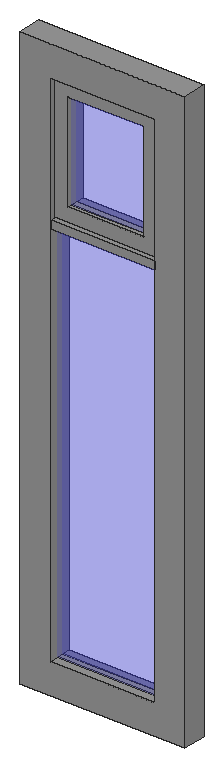
Revit family "Family68", category Windows, host Wall, Revit 2018
Family settings
  Host = Wall
  OmniClass Number = 23.30.20.00
  OmniClass Title = Windows
  Always vertical = Yes
  Cut with Voids When Loaded = No
  Shared = No
  Room Calculation Point = No
Parameters
  Visual Light Transmittance = 0.81
  URL = "www.skywardwindows.co.za"
  Thermal Resistance (R) = 0.3196 (m²·K)/W
  Telephone = "021 276 1800"
  Solar Heat Gain Coefficient = 0.76
  Side Light Thickness = 84 mm
  Manufacturer = "Skyward Windows"
  Height = 2090 mm
  Heat Transfer Coefficient (U) = 3.1292 W/(m²·K)
  Glass Thickness = 4 mm
  Glass = Glass
  Frame = Window Frame
  Email Address = "info@skywardwindows.co.za"
  Default Sill Height = 100 mm
  Wall Closure = By host
  Width = 590 mm
  Company Address = "Charles Matthews Street Atlantis 7349"
  Analytic Construction = "Double glazing - domestic"
Reference planes
  plane 1 "Center (Front/Back)": y = 0
  plane 2 "Center (Left/Right)": x = 0
  plane 3 "Left": x = -295
  plane 4 "Right": x = 295
  plane 5 "Sill": z = 100
  plane 6 "Head": z = 2190
  plane 7 "Exterior": y = 100
  plane 8 "Interior": y = -100
Forms (mm)
  Extrusion 1, solid, material "Window Frame" <- "Frame"
    sketch origin (0, -100, 0) x (1, 0, 0) y (0, 0, 1)
      loop
        line (-295, 2190) -> (-295, 100) -> (295, 100) -> (295, 2190) -> (-295, 2190)
      loop
        line (-186, 209) -> (186, 209) -> (186, 2081) -> (-186, 2081) -> (-186, 209)
    from -142 to -58
  Extrusion 2, solid, material "Window Frame" <- "Frame"
    sketch origin (0, -100, 0) x (1, 0, 0) y (0, 0, 1)
      loop
        line (-136, 1677) -> (136, 1677) -> (136, 2031) -> (-136, 2031) -> (-136, 1677)
      loop
        line (-184.048, 2079.486) -> (-184.048, 1627) -> (184.215, 1627) -> (184.215, 2079.486) -> (-184.048, 2079.486)
    from -139.72 to -75.175
  Extrusion 3, solid, material "Window Frame" <- "Frame"
    sketch origin (0, -100, 0) x (1, 0, 0) y (0, 0, 1)
      loop
        line (186, 1597) -> (186, 1624.915) -> (-186, 1624.915) -> (-186, 1597) -> (186, 1597)
    from -142 to -58
  Extrusion 4, solid, material "Glass" <- "Glass"
    sketch origin (0, 0, 0) x (1, 0, 0) y (0, 1, 0)
      loop
        line (-186, 14) -> (-186, 10) -> (186, 10) -> (186, 14) -> (-186, 14)
      loop
        line (-186, -10) -> (-186, -14) -> (186, -14) -> (186, -10) -> (-186, -10)
    from 209 to 1597
  Extrusion 5, solid, material "Glass" <- "Glass"
    sketch origin (0, 0, 0) x (1, 0, 0) y (0, 1, 0)
      loop
        line (-136, 14) -> (-136, 10) -> (136, 10) -> (136, 14) -> (-136, 14)
      loop
        line (-136, -10) -> (-136, -14) -> (136, -14) -> (136, -10) -> (-136, -10)
    from 1677 to 2031
Lines and regions (mm)
  Opening 1
    outline origin (3500, -100, 0) x (1, 0, 0) y (0, 0, 1)
      loop
        line (-3205, 100) -> (-3205, 2190) -> (-3795, 2190) -> (-3795, 100) -> (-3205, 100)
Text (mm)
  text "EXTERIOR" at (-1963.203, 1332.353, 0), in view "Ref. Level"
  text "INTERIOR" at (-1981.466, -818.386, 0), in view "Ref. Level"
  text "Exterior" at (0, 923.751, 2943.296), in view "Right"
  text "Exterior" at (0, 1040.484, 2685.409), in view "Left"
Dimensions and locks
  equal spacing: plane 3 "Left", plane 2 "Center (Left/Right)", plane 4 "Right"
  "Width": plane 3 "Left" to plane 4 "Right"
  "Height": plane 5 "Sill" to plane 6 "Head"
  "Default Sill Height": plane 5 "Sill" to level
  locked: plane 7 "Exterior" to host wall at 0
  locked: plane 8 "Interior" to host wall
  "Side Light Thickness": Extrusion 1 to Extrusion 1
  "Glass Thickness": Extrusion 4 to Extrusion 4  (x2)
Automatic sketch dimensions
  Opening 1 sketch curve to plane 3 "Left" = 0 mm
  Opening 1 sketch curve to plane 4 "Right" = 0 mm
  Opening 1 sketch curve to plane 5 "Sill" = 0 mm
  Opening 1 sketch curve to plane 6 "Head" = 0 mm
  plane 3 "Left" to Extrusion 1 sketch curve = 0 mm
  plane 4 "Right" to Extrusion 1 sketch curve = 0 mm
  Extrusion 1 sketch curve to plane 5 "Sill" = 0 mm
  Extrusion 1 sketch curve to plane 6 "Head" = 0 mm
  Extrusion 1 sketch curve to plane 3 "Left" = 109 mm
  plane 4 "Right" to Extrusion 1 sketch curve = 109 mm
  Extrusion 1 sketch curve to plane 5 "Sill" = 109 mm
  plane 6 "Head" to Extrusion 1 sketch curve = 109 mm
  Extrusion 2 sketch curve to Extrusion 2 sketch curve = 48.048 mm
  Extrusion 2 sketch curve to plane 2 "Center (Left/Right)" = 136 mm
  Extrusion 2 sketch curve to Extrusion 2 sketch curve = 48.215 mm
  plane 6 "Head" to Extrusion 2 sketch curve = 563 mm
  Extrusion 2 sketch curve to Extrusion 2 sketch curve = 50 mm
  plane 6 "Head" to Extrusion 2 sketch curve = 159 mm
  Extrusion 2 sketch curve to Extrusion 2 sketch curve = 48.486 mm
  plane 2 "Center (Left/Right)" to Extrusion 2 sketch curve = 136 mm
  Extrusion 3 sketch curve to plane 3 "Left" = 109 mm
  plane 4 "Right" to Extrusion 3 sketch curve = 109 mm
  plane 6 "Head" to Extrusion 3 sketch curve = 593 mm
  Extrusion 3 sketch curve to Extrusion 3 sketch curve = 27.915 mm
  Extrusion 4 sketch curve to host wall = 14 mm
  Extrusion 4 sketch curve to plane 3 "Left" = 109 mm
  Extrusion 4 sketch curve to Extrusion 4 sketch curve = 0 mm  (x2)
  host wall to Extrusion 4 sketch curve = 10 mm
  plane 4 "Right" to Extrusion 4 sketch curve = 109 mm
  Extrusion 4 sketch curve to Extrusion 4 sketch curve = 4 mm  (x2)
  Extrusion 5 sketch curve to host wall = 14 mm
  plane 2 "Center (Left/Right)" to Extrusion 5 sketch curve = 136 mm
  Extrusion 5 sketch curve to Extrusion 5 sketch curve = 0 mm  (x2)
  host wall to Extrusion 5 sketch curve = 10 mm
  Extrusion 5 sketch curve to plane 2 "Center (Left/Right)" = 136 mm
  Extrusion 5 sketch curve to Extrusion 5 sketch curve = 4 mm  (x2)
